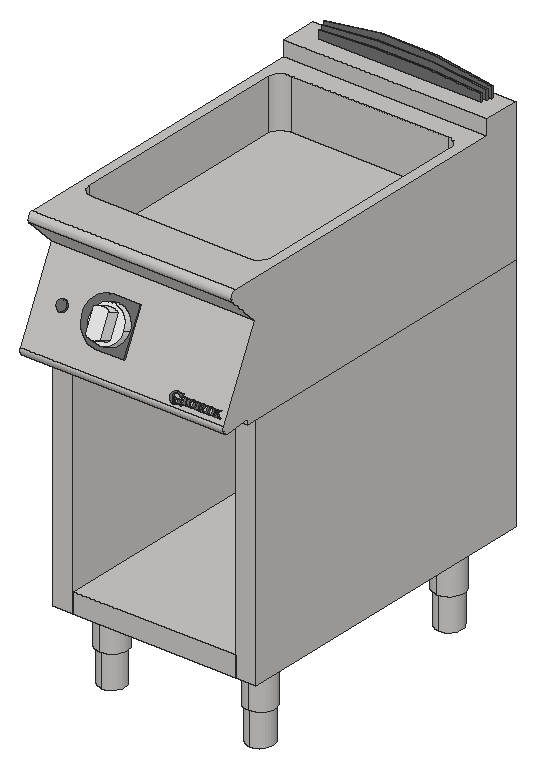
Revit family "QF_GIORIK_SP720G", category Specialty Equipment, Revit 2014
Parameters (values of type "SP720G")
  Weight in Pounds = 121.2541
  Watts = 1380 W
  Volts = 230 V
  URL Cutsheet = "www.giorik.com"
  URL = "www.giorik.com"
  Status [instance] = ""
  Specification by User [instance] = ""
  Specification by Manufacturer = ""
  Show Logo [instance] = yes
  Show Clearance [instance] = yes
  Serial Number = ""
  Seismic Rating = ""
  SMACNA No = ""
  Revision Code [instance] = ""
  Phase = 1
  Number of Poles [instance] = 1
  NAFEM Spec ID Number = ""
  Model = "SP720G"
  Min Ckt Ampacity = 0 A
  Max Overcurrent Protection = 0 A
  Masterspec = ""
  Manufacturer = "GIORIK"
  Item Number [instance] = ""
  Installed By [instance] = ""
  Identify Quantity as Lot [instance] = no
  HP = "1.850607600000"
  Furnished By [instance] = ""
  Foodservice Equipment Identifier [instance] = yes
  FL Amps = 0 A
  Electrical Remarks [instance] = ""
  Electric Connection Type [instance] = ""
  Elec Conn RI Height [instance] = 0 mm
  Elec Conn Connection Height [instance] = 150 mm
  Description = "CHIPS SCUTTLES"
  Cycle = 50 Hz
  Conn Plug = ""
  CSI MasterFormat = ""
  Assembly Code = "E1090320"
  Apparent Power = 1380 VA
Reference planes
  plane 1 "Back": y = 0
  plane 2: z = 0
  plane 3 "Left": x = 0
  plane 4 "Right": x = 400
  plane 5 "Front": y = -720
  plane 6 "Top": z = 900
Forms (mm)
  Extrusion 1, solid, visible <- "Show Logo"
    sketch origin (196.604, -736.761, 609.486) x (-1, 0, 0) y (0, 0.452718, 0.891654)
      loop
        line (-118.824, 58.358) -> (-127.804, 58.358) -> (-125.523, 56.445) -> (-125.523, 48.027) -> (-127.804, 46.113) -> (-118.824, 46.113) -> (-121.105, 48.027) -> (-121.105, 56.445) -> (-118.824, 58.358)
      loop
        line (-163.721, 58.358) -> (-172.7, 58.358) -> (-170.42, 56.445) -> (-170.42, 48.027) -> (-172.7, 46.113) -> (-163.721, 46.113) -> (-166.001, 48.027) -> (-166.001, 56.445) -> (-163.721, 58.358)
      loop
        line (-174.332, 58.358) -> (-183.312, 58.358) -> (-181.031, 56.445) -> (-181.031, 52.435) -> (-186.419, 56.955) -> (-184.416, 58.358) -> (-191.268, 58.358) -> (-188.01, 56.839) -> (-185.455, 54.283) -> (-190.846, 47.858) -> (-193.396, 46.93) -> (-193.396, 46.113) -> (-184.416, 46.113) -> (-185.437, 47.571) -> (-182.443, 51.552) -> (-181.031, 50.894) -> (-181.031, 48.027) -> (-183.312, 46.113) -> (-174.332, 46.113) -> (-176.613, 48.027) -> (-176.613, 56.445) -> (-174.332, 58.358)
      loop
        line (-115.429, 62.063) -> (-115.429, 54.198)
        arc (-115.429, 54.198) -> (-111.618, 57.803) -> (-106.847, 59.986) r 16.039
        arc (-106.847, 59.986) -> (-103.314, 59.837) -> (-100.512, 57.68) r 5.851
        arc (-100.512, 57.68) -> (-98.815, 52.267) -> (-100.512, 46.853) r 9.479
        arc (-100.512, 46.853) -> (-102.406, 44.986) -> (-104.846, 43.93) r 7.236
        arc (-104.846, 43.93) -> (-107.728, 44.111) -> (-110.052, 45.825) r 5.11
        line (-110.052, 45.825) -> (-110.052, 52.001) -> (-116.141, 52.001) -> (-116.141, 45.503) -> (-117.893, 43.751) -> (-114.094, 44.769)
        arc (-114.094, 44.769) -> (-112.56, 44.947) -> (-111.129, 44.366) r 3.115
        arc (-111.129, 44.366) -> (-104.216, 42.091) -> (-97.303, 44.366) r 11.641
        arc (-97.303, 44.366) -> (-93.396, 52.107) -> (-97.303, 59.849) r 9.622
        arc (-97.303, 59.849) -> (-104.369, 62.174) -> (-111.435, 59.849) r 11.898
        line (-111.435, 59.849) -> (-115.429, 62.063)
      loop
        arc (-129.234, 56.068) -> (-135.893, 58.628) -> (-142.552, 56.068) r 9.941
        arc (-142.552, 56.068) -> (-144.234, 52.286) -> (-142.552, 48.505) r 5.093
        arc (-142.552, 48.505) -> (-135.893, 45.945) -> (-129.234, 48.505) r 9.941
        arc (-129.234, 48.505) -> (-127.552, 52.286) -> (-129.234, 56.068) r 5.093
      loop
        arc (-132.628, 54.403) -> (-135.893, 57.668) -> (-139.158, 54.403) r 3.265
        line (-139.158, 54.403) -> (-139.158, 50.169)
        arc (-139.158, 50.169) -> (-135.893, 46.904) -> (-132.628, 50.169) r 3.265
        line (-132.628, 50.169) -> (-132.628, 54.403)
      loop
        arc (-156.363, 58.365) -> (-159.647, 55.081) -> (-156.363, 51.796) r 3.285
        line (-156.363, 51.796) -> (-159.529, 47.306) -> (-162.087, 46.113) -> (-155.847, 46.113) -> (-153.529, 51.083) -> (-150.637, 51.083) -> (-150.637, 47.784) -> (-153.022, 46.113) -> (-144.011, 46.113) -> (-146.094, 47.68) -> (-146.094, 56.493) -> (-144.229, 58.365) -> (-156.363, 58.365)
      loop
        line (-150.637, 57.512) -> (-153.637, 57.512)
        arc (-153.637, 57.512) -> (-156.237, 54.912) -> (-153.637, 52.312) r 2.6
        line (-153.637, 52.312) -> (-150.637, 52.312) -> (-150.637, 57.512)
      loop
        line (-108.924, 52.001) -> (-104.936, 49.005) -> (-100.948, 52.001) -> (-108.924, 52.001)
    from 1.5 to -0.5
  Extrusion 2, solid
    sketch origin (-16, 1025.81, 0) x (1, 0, 0) y (0, 1, 0)
      loop
        line (25, -1086.81) -> (25, -1156.81) -> (115, -1156.81) -> (115, -1086.81) -> (25, -1086.81)
    from 148 to 150
  Extrusion 3, solid
    sketch origin (-4, 0, 130) x (1, 0, 0) y (0, 1, 0)
      loop
        circle (54, -385) r 12.5
    from 0 to 20
  Extrusion 4, solid
    sketch origin (0, 1000, -20) x (0, 1, 0) y (0, 0, 1)
      loop
        line (-1000, 919.988) -> (-1070, 919.988) -> (-1070, 889.988) -> (-1688.806, 889.988)
        arc (-1688.806, 889.988) -> (-1699.151, 883.075) -> (-1696.724, 870.873) r 11.197
        line (-1696.724, 870.873) -> (-1640.876, 815.025) -> (-1718.948, 661.258)
        arc (-1718.948, 661.258) -> (-1718.233, 650.105) -> (-1708.118, 645.354) r 10.981
        line (-1708.118, 645.354) -> (-1660, 649.925) -> (-1660, 640) -> (-1000, 640) -> (-1000, 919.988)
    from 0 to 400
  Extrusion 5, solid
    sketch origin (0, 0, 599.536) x (1, 0, 0) y (0, 1, 0)
      loop
        line (0, -640) -> (40, -640) -> (40, -40) -> (360, -40) -> (360, -640) -> (400, -640) -> (400, 0) -> (0, 0) -> (0, -640)
    from -449.536 to 20.464
  Extrusion 6, solid
    sketch origin (0, 0, 0) x (1, 0, 0) y (0, 1, 0)
      loop
        line (40, -40) -> (40, -640) -> (360, -640) -> (360, -40) -> (40, -40)
    from 150 to 190
  Extrusion 7, solid
    sketch origin (-16, 560.81, 0) x (1, 0, 0) y (0, 1, 0)
      loop
        line (25, -1086.81) -> (25, -1156.81) -> (115, -1156.81) -> (115, -1086.81) -> (25, -1086.81)
    from 148 to 150
  Revolve 8, solid
    sketch origin (54, 560.81, 0) x (0, 1, 0) y (0, 0, 1)
      loop
        line (-1092.56, 66) -> (-1092.56, 148) -> (-1121.81, 148) -> (-1121.81, 0) -> (-1096.81, 0) -> (-1096.81, 66) -> (-1092.56, 66)
      axis (-1121.81, 0) -> (-1121.81, 148)
    angle from 0 to 360
  Revolve 9, solid
    sketch origin (54, 1025.81, 0) x (0, 1, 0) y (0, 0, 1)
      loop
        line (-1092.56, 66) -> (-1092.56, 148) -> (-1121.81, 148) -> (-1121.81, 0) -> (-1096.81, 0) -> (-1096.81, 66) -> (-1092.56, 66)
      axis (-1121.81, 0) -> (-1121.81, 148)
    angle from 0 to 360
  Extrusion 10, solid
    sketch origin (416, 560.81, 0) x (-1, 0, 0) y (0, -1, 0)
      loop
        line (25, 1086.81) -> (115, 1086.81) -> (115, 1156.81) -> (25, 1156.81) -> (25, 1086.81)
    from 148 to 150
  Revolve 11, solid
    sketch origin (346, 560.81, 0) x (0, 1, 0) y (0, 0, -1)
      loop
        line (-1092.56, -66) -> (-1096.81, -66) -> (-1096.81, 0) -> (-1121.81, 0) -> (-1121.81, -148) -> (-1092.56, -148) -> (-1092.56, -66)
      axis (-1121.81, 0) -> (-1121.81, -148)
    angle from 0 to 360
  Extrusion 12, solid
    sketch origin (416, -1217.81, 0) x (-1, 0, 0) y (0, -1, 0)
      loop
        line (25, -1086.81) -> (25, -1156.81) -> (115, -1156.81) -> (115, -1086.81) -> (25, -1086.81)
    from 148 to 150
  Revolve 13, solid
    sketch origin (346, -1217.81, 0) x (0, -1, 0) y (0, 0, 1)
      loop
        line (-1092.56, 66) -> (-1092.56, 148) -> (-1121.81, 148) -> (-1121.81, 0) -> (-1096.81, 0) -> (-1096.81, 66) -> (-1092.56, 66)
      axis (-1121.81, 0) -> (-1121.81, 148)
    angle from 0 to 360
  Extrusion 14, solid
    sketch origin (-273.221, -963.345, 52.363) x (1, 0, 0) y (0, 0.452718, 0.891654)
      loop
        line (463.221, 676.25) -> (463.221, 766.25) -> (409.698, 766.25)
        arc (409.698, 766.25) -> (364.698, 721.25) -> (409.698, 676.25) r 45
        line (409.698, 676.25) -> (463.221, 676.25)
    from 48 to 50
  Extrusion 15, solid
    sketch origin (501.331, -1008.697, 74.959) x (-1, 0, 0) y (0, -0.45351, -0.891251)
      loop
        circle (351.331, -721.346) r 35
    from 0 to 15
  Extrusion 16, solid
    sketch origin (501.331, -1008.697, 74.959) x (-1, 0, 0) y (0, -0.45351, -0.891251)
      loop
        arc (336.331, -743.846) -> (351.331, -748.846) -> (366.331, -743.846) r 25
        line (366.331, -743.846) -> (366.331, -698.846)
        arc (366.331, -698.846) -> (351.331, -693.846) -> (336.331, -698.846) r 25
        line (336.331, -698.846) -> (336.331, -743.846)
    from 15 to 40
  Extrusion 17, solid
    sketch origin (-94, 0, -10.001) x (1, 0, 0) y (0, 0, 1)
      loop
        line (135, 909.989) -> (453, 909.989) -> (453, 925.527) -> (347.056, 931.749) -> (240.944, 931.749) -> (135, 925.527) -> (135, 909.989)
    from 32 to 35
  Extrusion 18, solid
    sketch origin (-92, 10, -10.001) x (1, 0, 0) y (0, 0, 1)
      loop
        line (454, 909.989) -> (454, 928.527) -> (346.162, 939.193) -> (237.838, 939.193) -> (130, 928.527) -> (130, 909.989) -> (454, 909.989)
    from 32 to 35
  Extrusion 19, solid
    sketch origin (-90, 20, -10.001) x (1, 0, 0) y (0, 0, 1)
      loop
        line (455, 909.989) -> (455, 930.527) -> (345.396, 947.413) -> (234.604, 947.413) -> (125, 930.527) -> (125, 909.989) -> (455, 909.989)
    from 32 to 35
  Extrusion 20, void
    sketch origin (0, 0, 819.988) x (0, 1, 0) y (-1, 0, 0)
      loop
        arc (-110, -45) -> (-117.322, -27.322) -> (-135, -20) r 25
        line (-135, -20) -> (-575, -20)
        arc (-575, -20) -> (-592.678, -27.322) -> (-600, -45) r 25
        line (-600, -45) -> (-600, -355.035)
        arc (-600, -355.035) -> (-592.678, -372.713) -> (-575, -380.035) r 25
        line (-575, -380.035) -> (-135, -380.035)
        arc (-135, -380.035) -> (-117.322, -372.713) -> (-110, -355.035) r 25
        line (-110, -355.035) -> (-110, -45)
    from -50 to 50
  Extrusion 21, solid
    sketch origin (0, -1005.604, 76.671) x (1, 0, 0) y (0, 0.452718, 0.891654)
      loop
        circle (51.74, 717.652) r 10
    from 0 to 2
Cuts and joins
  Extrusion 20 cuts Extrusion 4
Lines and regions (mm)
  symbolic lines, style "200-EquipBorder-2D"
    curve 1: line (0, -720, 0) -> (400, -720, 0)
    curve 2: line (400, -720, 0) -> (400, 0, 0)
    curve 3: line (400, 0, 0) -> (0, 0, 0)
    curve 4: line (0, 0, 0) -> (0, -720, 0)
  symbolic lines, style "200-EquipInternal-2D"
    curve 5: line (0, -70, 900) -> (400, -70, 900)
    curve 6: line (35, -12, 900) -> (365, -12, 900)
    curve 7: line (365, -12, 900) -> (365, -15, 900)
    curve 8: line (365, -15, 900) -> (35, -15, 900)
    curve 9: line (35, -15, 900) -> (35, -12, 900)
    curve 10: line (38, -22, 900) -> (362, -22, 900)
    curve 11: line (362, -22, 900) -> (362, -25, 900)
    curve 12: line (362, -25, 900) -> (38, -25, 900)
    curve 13: line (38, -25, 900) -> (38, -22, 900)
    curve 14: line (41, -32, 900) -> (359, -32, 900)
    curve 15: line (359, -32, 900) -> (359, -35, 900)
    curve 16: line (359, -35, 900) -> (41, -35, 900)
    curve 17: line (41, -35, 900) -> (41, -32, 900)
    curve 18: line (355, -110, 900) -> (45, -110, 900)
    curve 19: arc (45, -110, 900) -> (27.322, -117.322, 900) -> (20, -135, 900) r 25
    curve 20: line (20, -135, 900) -> (20, -575, 900)
    curve 21: arc (380, -135, 900) -> (372.678, -117.322, 900) -> (355, -110, 900) r 25
    curve 22: line (380, -575, 900) -> (380, -135, 900)
    curve 23: arc (355, -600, 900) -> (372.678, -592.678, 900) -> (380, -575, 900) r 25
    curve 24: line (45, -600, 900) -> (355, -600, 900)
    curve 25: arc (20, -575, 900) -> (27.322, -592.678, 900) -> (45, -600, 900) r 25
Dimensions and locks
  plane 3 "Left" to plane 4 "Right" = 400 mm
  plane 5 "Front" to plane 1 "Back" = 720 mm
  plane 4 "Right" to plane 3 "Left" = 400 mm
  plane 1 "Back" to plane 5 "Front" = 720 mm
  plane 6 "Top" to level = 900 mm  (x2)
  aligned and locked: level to plane 2
Connectors
  electrical at (50, -385, 130), driven by "Apparent Power", driven by "Volts", driven by "Number of Poles"
    settings: on Extrusion 3, index 1, voltage 230 V, apparent load 0 VA, apparent load phase1 1380 VA, apparent load phase2 0 VA, apparent load phase3 0 VA, power factor 1, load classification "Other", number of poles 1, system type 31, power factor state 1, is connector primary yes, connector utility no, sub classification motor no, connector description "Electrical connection"
